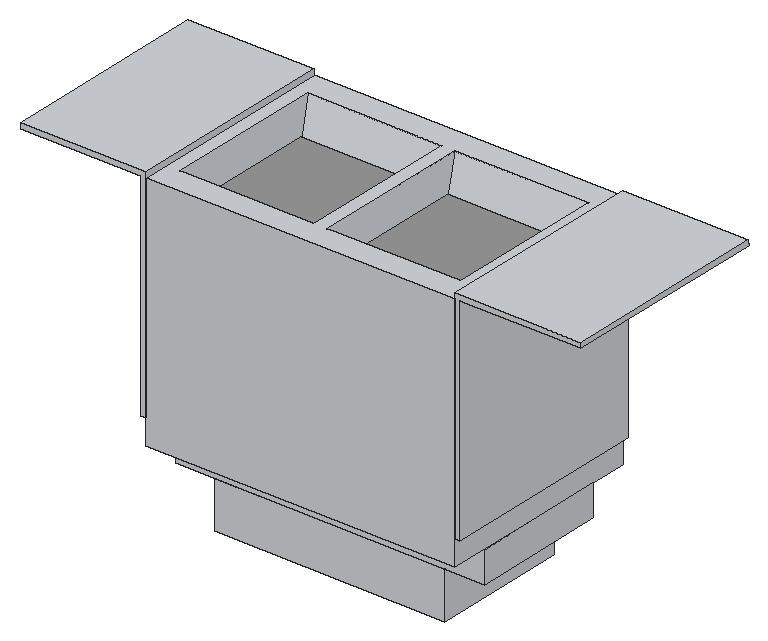
Revit family "2061100 Sylvania Lighting Fixture DOMINO 2xLED 930 BLACK MB TRIMLESS WHITE", category Lighting Fixtures, host Face, Revit 2018
Family settings
  Host = Face
  Round Connector Dimension = Use Diameter
  Part Type = Normal
  OmniClass Number = 23.80.70.00
  OmniClass Title = Lighting
  Cut with Voids When Loaded = No
  Light Source = Yes
  Shared = No
  Room Calculation Point = No
Parameters (values of type "2061100 DOMINO 2XLED 930 BLACK MB TS WHT ")
  top top length = 44 mm
  Width = 50 mm
  Weight = "n/a"
  Wattage Comments = ""
  Wattage = 9.2903 W
  WarrantyStartDate [instance] = "n/a"
  WarrantyGuarantorParts = "n/a"
  WarrantyDurationUnit = "n/a"
  WarrantyDurationParts = ""
  WarrantyDescription = "http://www.sylvania-lighting.com"
  built-in parameter 1150110 = 1 (stored number, unit not read)
  Voltage = 0 V
  URL = "0.6"
  TypeName = "DOMINO 2xLED 930 BLACK MB TRIMLESS WHITE"
  Type Image = <None>
  Type Comments = "n/a"
  built-in parameter 1114217 = 1 (stored number, unit not read)
  Top Width = 26 mm
  Tilt Angle = 90.00°
  built-in parameter 1150109 = 1 (stored number, unit not read)
  built-in parameter 1150134 = 3
  built-in parameter 1150113 = 1 (stored number, unit not read)
  SerialNumber [instance] = "n/a"
  Recessed Width = 43 mm
  Recessed Length = 63 mm
  Photometric Web File = "2061100.ies"
  Material_3_FEILO = none
  PowerFactor = 0
  PowerConsumption = "Lighting"
  NominalLength = 40 mm
  NominalHeight = 0 mm
  NominalDepth = 0 mm
  Name = "DOMINO 2xLED 930 BLACK MB TRIMLESS WHITE"
  ModelReference = Name  # "DOMINO 2xLED 930 BLACK MB TRIMLESS WHITE"
  ModelNumber = "2061100"
  Model = Name  # "DOMINO 2xLED 930 BLACK MB TRIMLESS WHITE"
  Material = "Feilo Sylvania"
  ManufacturerName = "54 lm/W"
  Manufacturer = ""
  LuminousEfficacy = ""
  built-in parameter 1150105 = 109.82 (stored number, unit not read)
  Lumens = 1380 lm
  LuminaireType = "0"
  built-in parameter 1150115 = 1 (stored number, unit not read)
  LightOutputRatio = "LED"
  built-in parameter 1150137 = (empty or 0)
  built-in parameter 1150139 = (empty or 0)
  Lens Width = 32 mm
  Lens = Glass, White, High Luminance
  Length = 69 mm
  LampsType = Lamp  # "n/a"
  LampNominalLuminous = "3000 K"
  LampMacAdamStep = "90"
  LampColourTemperature = "LED"
  LampColourRenderingIndex = "16500"
  built-in parameter 1150112 = 1 (stored number, unit not read)
  built-in parameter 1150114 = 1 (stored number, unit not read)
  Lamp = "n/a"
  Keynote = "n/a"
  InstallationDate [instance] = "n/a"
  InputVoltage = "0"
  InputNominalFrequency = "3000"
  built-in parameter 1150132 = (empty or 0)
  built-in parameter 1150102 = (empty or 0)
  built-in parameter 1150107 = 3200 (stored number, unit not read)
  built-in parameter 1150138 = (empty or 0)
  IngressProtection = "IfcLightFixtureType"
  ImpactProtectionIndex = "IfcLightFixtureType"
  built-in parameter 1150106 = 1.0982 (stored number, unit not read)
  IfcExportType = "IfcLightFixtureType"
  IfcExportAs = "Class II"
  Facia internal width = 37 mm
  Facia internal length = 56 mm
  Facia Height = 2 mm
  ExpectedLife = 50000
  Emit from Circle Diameter = 609.6 mm
  Emit Shape Visible in Rendering = no
  ElectricShockClassification = "54"
  built-in parameter 1150104 = 13.8 (stored number, unit not read)
  DurationUnit = "hours"
  DocumentationLiterature = "http://www.sylvania-lighting.com/product/en-int/products/2061100"
  DimmingControlOptions = "n/a"
  Material_2_FEILO = none
  Dimming Lamp Color Temperature Shift = <None>
  Description = "Modular LED recessed linear spotlight, ideal for retail and hospitality applications. Die-cast aluminium body, passive cooling. Two levels of reflector installation, low glaring UGR<16. 2x LED source, 30° beam angle , optics: PMMA lens and polycarbonate reflector combination, Black matt reflector finish. Light color temperature: 3000K warm white, total system power: 6W , total fixture lumen output: 320lm, efficacy: 54 lm/W, Ra90 typical, LED chromacity: 3 step MacAdam ellipse (SDCM3), lifespan: 96,000 hours at 90% of the original output (L90B10), IR/UV free light source without heat radiation, operating voltage: 220-240V / 50-60Hz, electronic driver, ultra low flicker, non-dimmable , electrical protection: Class II. Degree of Protection: IP40/IP20, suitable for indoor environment only. Ceiling cut-out: 42x42mm, outer dimensions:  64x40mm , trimless frame RAL 9016 - Traffic white / Bezel color.5 years Warranty."
  Default Elevation = 1219.2 mm
  CreatedOn = "11/02/2021"
  CreatedBy = "@sylvania-lighting.com"
  Cost = 0
  Color Filter = 16777215
  built-in parameter 1114216 [instance] = (empty or 0)
  ClassificationValue = "EF_70_80"
  ClassificationName = "Uniclass2015"
  Material_1_FEILO = none
  Body Width = 40 mm
  Body Length = 59 mm
  BarCode [instance] = "n/a"
  built-in parameter 1114218 = 1 (stored number, unit not read)
  built-in parameter 1150133 = 10 (stored number, unit not read)
  AssetType = "Fixed"
  AssetIdentifier [instance] = "n/a"
  Assembly Code = "D5020200"
  Apparent Load = 6 VA
  Material_4_FEILO = none
Reference planes
  plane 1 "Center (Front/Back)": y = 0
  plane 2: z = 0
  plane 3 "Center (Left/Right)": x = 0
  plane 4: z = 0
  plane 5: z = -7
  plane 6: z = -45.895
  plane 7: z = -51.895
  plane 8: z = -60.895
  plane 9: x = -31.5
  plane 10: x = 31.5
  plane 11: y = 21.5
  plane 12: y = -21.5
  plane 13: x = -34.5
  plane 14: x = 34.5
  plane 15: y = 25
  plane 16: y = -25
  plane 17: x = 28
  plane 18: x = -28
  plane 19: y = 18.5
  plane 20: y = -18.5
  plane 21: z = 2
  plane 22: x = -29.5
  plane 23: x = 29.5
  plane 24: y = 20
  plane 25: y = -20
  plane 26: y = 13
  plane 27: y = -13
  plane 28: x = 22
  plane 29: y = 16
  plane 30: y = -16
  plane 31: x = -27
  plane 32: x = -1
  plane 33: x = -26
  plane 34: x = -2
  plane 35: y = 12.5
  plane 36: y = -12.5
  plane 37: x = 27
  plane 38: x = 1
  plane 39: x = 2
  plane 40: x = 26.026
  plane 41: x = -30.5
  plane 42: z = 1
  plane 43: x = -53.5
  plane 44: z = -41
  plane 45: x = 30.5
  plane 46: x = 53.5
Forms (mm)
  Extrusion 1, solid, not visible, detail levels medium+fine
    sketch origin (4.2, 0, 0) x (1, 0, 0) y (0, 1, 0)
      loop
        line (-29.2, 34.5) -> (-29.2, -34.5) -> (20.8, -34.5) -> (20.8, 34.5) -> (-29.2, 34.5)
    from 0 to 1
  Extrusion 2, solid, not visible, detail levels medium+fine
    sketch origin (4.044, 0, 0) x (1, 0, 0) y (0, 1, 0)
      loop
        line (-29.2, 34.5) -> (-29.2, -34.5) -> (20.8, -34.5) -> (20.8, 34.5) -> (-29.2, 34.5)
    from 0 to 1
  Blend 3, solid, not visible, detail levels medium+fine
    base sketch origin (4.2, 0, 0) x (1, 0, 0) y (0, 1, 0)
      loop
        line (-29.2, 34.5) -> (-29.2, -34.5) -> (20.8, -34.5) -> (20.8, 34.5) -> (-29.2, 34.5)
    top sketch origin (4.2, 0, 0) x (1, 0, 0) y (0, 1, 0)
      loop
        line (-21.7, 28) -> (-21.7, -28) -> (13.3, -28) -> (13.3, 28) -> (-21.7, 28)
    from 1 to 3
  Extrusion 4, solid, not visible, detail levels medium+fine
    sketch origin (3.419, 0, 0) x (1, 0, 0) y (0, 1, 0)
      loop
        line (-29.2, 34.5) -> (-29.2, -34.5) -> (20.8, -34.5) -> (20.8, 34.5) -> (-29.2, 34.5)
    from 0 to 1
  Blend 5, solid, not visible, detail levels medium+fine
    base sketch origin (3.575, 0, 0) x (1, 0, 0) y (0, 1, 0)
      loop
        line (-29.2, 34.5) -> (-29.2, -34.5) -> (20.8, -34.5) -> (20.8, 34.5) -> (-29.2, 34.5)
    top sketch origin (3.575, 0, 0) x (1, 0, 0) y (0, 1, 0)
      loop
        line (-21.7, 28) -> (-21.7, -28) -> (13.3, -28) -> (13.3, 28) -> (-21.7, 28)
    from 1 to 3
  Extrusion 6, solid, not visible, detail levels medium+fine
    sketch origin (4.247, 0, 0) x (1, 0, 0) y (0, 1, 0)
      loop
        line (-29.2, 34.5) -> (-29.2, -34.5) -> (20.8, -34.5) -> (20.8, 34.5) -> (-29.2, 34.5)
    from 0 to 1
  Blend 7, solid, not visible, detail levels medium+fine
    base sketch origin (4.403, 0, 0) x (1, 0, 0) y (0, 1, 0)
      loop
        line (-29.2, 34.5) -> (-29.2, -34.5) -> (20.8, -34.5) -> (20.8, 34.5) -> (-29.2, 34.5)
    top sketch origin (4.403, 0, 0) x (1, 0, 0) y (0, 1, 0)
      loop
        line (-21.7, 28) -> (-21.7, -28) -> (13.3, -28) -> (13.3, 28) -> (-21.7, 28)
    from 1 to 3
  Extrusion 8, void, detail levels medium+fine
    sketch origin (4.2, 0, 0) x (0, 1, 0) y (1, 0, 0)
      loop
        line (21.5, -35.7) -> (21.5, 27.3) -> (-21.5, 27.3) -> (-21.5, -35.7) -> (21.5, -35.7)
    from -9.934 to 83.097
  Extrusion 9, solid, detail levels medium+fine
    sketch origin (4.2, 0, 0) x (1, 0, 0) y (0, 1, 0)
      loop
        line (-33.7, 20) -> (-33.7, -20) -> (25.3, -20) -> (25.3, 20) -> (-33.7, 20)
    from 0 to -45.895
  Extrusion 10, solid, detail levels medium+fine
    sketch origin (4.2, 0, 0) x (1, 0, 0) y (0, 1, 0)
      loop
        line (-33.7, 13) -> (-33.7, -13) -> (25.3, -13) -> (25.3, 13) -> (-33.7, 13)
    from -51.895 to -45.895
  Extrusion 11, solid, detail levels fine
    sketch origin (4.2, 0, 0) x (1, 0, 0) y (0, 1, 0)
      loop
        line (-26.2, 13) -> (-26.2, -13) -> (17.8, -13) -> (17.8, 13) -> (-26.2, 13)
    from -60.895 to -51.895
  Blend 12, void, detail levels medium+fine
    base sketch origin (4.2, 0, 0) x (0, 1, 0) y (-1, 0, 0)
      loop
        line (16, 31.2) -> (-16, 31.2) -> (-16, 5.2) -> (16, 5.2) -> (16, 31.2)
    top sketch origin (4.2, 0, 0) x (0, 1, 0) y (-1, 0, 0)
      loop
        line (12.5, 30.2) -> (-12.5, 30.2) -> (-12.5, 6.2) -> (12.5, 6.2) -> (12.5, 30.2)
    from 2 to -7
  Blend 13, void, detail levels medium+fine
    base sketch origin (4.2, 0, 0) x (0, 1, 0) y (-1, 0, 0)
      loop
        line (16, 3.2) -> (-16, 3.2) -> (-16, -22.8) -> (16, -22.8) -> (16, 3.2)
    top sketch origin (4.2, 0, 0) x (0, 1, 0) y (-1, 0, 0)
      loop
        line (12.5, 2.2) -> (-12.5, 2.2) -> (-12.5, -21.826) -> (12.5, -21.826) -> (12.5, 2.2)
    from 2 to -7
  Extrusion 14, solid, material "Glass, White, High Luminance" <- "Lens", detail levels fine
    sketch origin (0, 1219.2, 38) x (1, 0, 0) y (0, 1, 0)
      loop
        line (-26, -1206.7) -> (-26, -1231.7) -> (-2, -1231.7) -> (-2, -1206.7) -> (-26, -1206.7)
    from -45 to -44
  Extrusion 15, solid, material "Glass, White, High Luminance" <- "Lens", detail levels fine
    sketch origin (4.2, 0, 0) x (1, 0, 0) y (0, 1, 0)
      loop
        line (-2.2, 12.5) -> (-2.2, -12.5) -> (21.826, -12.5) -> (21.826, 12.5) -> (-2.2, 12.5)
    from -7 to -6
  Extrusion 16, solid, detail levels coarse
    sketch origin (0, 1219.2, 38) x (1, 0, 0) y (0, 1, 0)
      loop
        line (53.5, -1199.2) -> (-53.5, -1199.2) -> (-53.5, -1239.2) -> (53.5, -1239.2) -> (53.5, -1199.2)
    from -36 to -98.895
  Extrusion 17, solid, detail levels medium+fine
    sketch origin (0, 0, 0) x (1, 0, 0) y (0, 0, 1)
      loop
        line (-29.5, -41) -> (-29.5, 1) -> (-53.5, 1) -> (-53.5, 0) -> (-30.5, 0) -> (-30.5, -41) -> (-29.5, -41)
    from -20 to 20
  Extrusion 18, solid, detail levels medium+fine
    sketch origin (0, 0, 0) x (1, 0, 0) y (0, 0, 1)
      loop
        line (53.5, 1) -> (29.5, 1) -> (29.5, -41) -> (30.5, -41) -> (30.5, 0) -> (53.5, 0) -> (53.5, 1)
    from -20 to 20
Cuts and joins
  Blend 12, Blend 13 cuts Extrusion 9
Dimensions and locks
  "Recessed Length": plane 9 to plane 10
  equal spacing: plane 9, plane 3 "Center (Left/Right)", plane 10
  "Length": plane 13 to plane 14
  equal spacing: plane 13, plane 3 "Center (Left/Right)", plane 14
  "Recessed Width": plane 11 to plane 12
  equal spacing: plane 11, plane 1 "Center (Front/Back)", plane 12
  "Width": plane 15 to plane 16
  equal spacing: plane 15, plane 1 "Center (Front/Back)", plane 16
  "Facia internal length": plane 18 to plane 17
  equal spacing: plane 18, plane 3 "Center (Left/Right)", plane 17
  "Facia internal width": plane 19 to plane 20
  equal spacing: plane 19, plane 1 "Center (Front/Back)", plane 20
  "Facia Height": plane 21 to host face
  "Body Length": plane 22 to plane 23
  equal spacing: plane 22, plane 3 "Center (Left/Right)", plane 23
  "Body Width": plane 24 to plane 25
  equal spacing: plane 24, plane 1 "Center (Front/Back)", plane 25
  "Top Width": plane 26 to plane 27
  equal spacing: plane 26, plane 1 "Center (Front/Back)", plane 27
  plane 3 "Center (Left/Right)" to plane 28 = 22 mm
  "Lens Width": plane 29 to plane 30
  equal spacing: plane 29, plane 1 "Center (Front/Back)", plane 30
  aligned and locked: plane 2 to host face
  aligned and locked: level to host face
  aligned and locked: plane 7 to Extrusion 11
  aligned and locked: Extrusion 10 to plane 7
  aligned and locked: Extrusion 9 to plane 6
  aligned and locked: Blend 12 to plane 5
  aligned and locked: plane 21 to Blend 12
  aligned and locked: Blend 13 to plane 5
  aligned and locked: plane 21 to Blend 13
Automatic sketch dimensions
  host sketch curve to host sketch curve = 2438.4 mm  (x2)
  Extrusion 1 sketch curve to Extrusion 1 sketch curve = 50 mm
  Extrusion 1 sketch curve to Extrusion 1 sketch curve = 69 mm
  Extrusion 2 sketch curve to Extrusion 2 sketch curve = 50 mm
  Extrusion 2 sketch curve to Extrusion 2 sketch curve = 69 mm
  Blend 3 sketch curve to Blend 3 sketch curve = 50 mm
  Blend 3 sketch curve to Blend 3 sketch curve = 69 mm
  Blend 3 sketch curve to Blend 3 sketch curve = 35 mm
  Blend 3 sketch curve to Blend 3 sketch curve = 56 mm
  Extrusion 4 sketch curve to Extrusion 4 sketch curve = 50 mm
  Extrusion 4 sketch curve to Extrusion 4 sketch curve = 69 mm
  Blend 5 sketch curve to Blend 5 sketch curve = 50 mm
  Blend 5 sketch curve to Blend 5 sketch curve = 69 mm
  Blend 5 sketch curve to Blend 5 sketch curve = 35 mm
  Blend 5 sketch curve to Blend 5 sketch curve = 56 mm
  Extrusion 6 sketch curve to Extrusion 6 sketch curve = 50 mm
  Extrusion 6 sketch curve to Extrusion 6 sketch curve = 69 mm
  Blend 7 sketch curve to Blend 7 sketch curve = 50 mm
  Blend 7 sketch curve to Blend 7 sketch curve = 69 mm
  Blend 7 sketch curve to Blend 7 sketch curve = 35 mm
  Blend 7 sketch curve to Blend 7 sketch curve = 56 mm
  Extrusion 8 sketch curve to plane 9 = 0 mm
  Extrusion 8 sketch curve to plane 12 = 0 mm
  Extrusion 8 sketch curve to plane 11 = 0 mm
  Extrusion 8 sketch curve to plane 10 = 0 mm
  Extrusion 9 sketch curve to plane 22 = 0 mm
  Extrusion 9 sketch curve to plane 23 = 0 mm
  Extrusion 9 sketch curve to plane 25 = 0 mm
  Extrusion 9 sketch curve to plane 24 = 0 mm
  Extrusion 10 sketch curve to plane 22 = 0 mm
  Extrusion 10 sketch curve to plane 23 = 0 mm
  Extrusion 10 sketch curve to plane 27 = 0 mm
  Extrusion 10 sketch curve to plane 26 = 0 mm
  Extrusion 11 sketch curve to plane 27 = 0 mm
  Extrusion 11 sketch curve to plane 28 = 0 mm
  Extrusion 11 sketch curve to plane 26 = 0 mm
  plane 18 to Extrusion 11 sketch curve = 6 mm
  Blend 12 sketch curve to plane 30 = 0 mm
  Blend 12 sketch curve to plane 29 = 0 mm
  Blend 12 sketch curve to plane 32 = 0 mm
  Blend 12 sketch curve to plane 31 = 0 mm
  Blend 12 sketch curve to plane 33 = 0 mm
  Blend 12 sketch curve to plane 36 = 0 mm
  Blend 12 sketch curve to plane 35 = 0 mm
  Blend 12 sketch curve to plane 34 = 0 mm
  Blend 13 sketch curve to plane 30 = 0 mm
  Blend 13 sketch curve to plane 29 = 0 mm
  Blend 13 sketch curve to plane 37 = 0 mm
  Blend 13 sketch curve to plane 38 = 0 mm
  Blend 13 sketch curve to plane 36 = 0 mm
  Blend 13 sketch curve to plane 35 = 0 mm
  Blend 13 sketch curve to plane 40 = 0 mm
  Blend 13 sketch curve to plane 39 = 0 mm
  plane 31 to Extrusion 14 sketch curve = 1 mm
  Extrusion 14 sketch curve to plane 11 = 9 mm
  Extrusion 14 sketch curve to plane 34 = 0 mm
  plane 1 "Center (Front/Back)" to Extrusion 14 sketch curve = 12.5 mm
  Extrusion 15 sketch curve to plane 36 = 0 mm
  Extrusion 15 sketch curve to plane 39 = 0 mm
  Extrusion 15 sketch curve to plane 40 = 0 mm
  Extrusion 15 sketch curve to plane 35 = 0 mm
  Extrusion 16 sketch curve to plane 33 = 27.5 mm
  plane 14 to Extrusion 16 sketch curve = 19 mm
  plane 16 to Extrusion 16 sketch curve = 45 mm
  Extrusion 16 sketch curve to plane 36 = 7.5 mm
  Extrusion 17 sketch curve to level = 0 mm
  Extrusion 17 sketch curve to plane 43 = 0 mm
  Extrusion 17 sketch curve to plane 41 = 0 mm
  Extrusion 17 sketch curve to plane 22 = 0 mm
  Extrusion 17 sketch curve to plane 44 = 0 mm
  Extrusion 17 sketch curve to plane 42 = 0 mm
  Extrusion 18 sketch curve to plane 23 = 0 mm
  Extrusion 18 sketch curve to plane 44 = 0 mm
  Extrusion 18 sketch curve to plane 45 = 0 mm
  Extrusion 18 sketch curve to plane 46 = 0 mm
  Extrusion 18 sketch curve to plane 42 = 0 mm
  Extrusion 18 sketch curve to level = 0 mm
